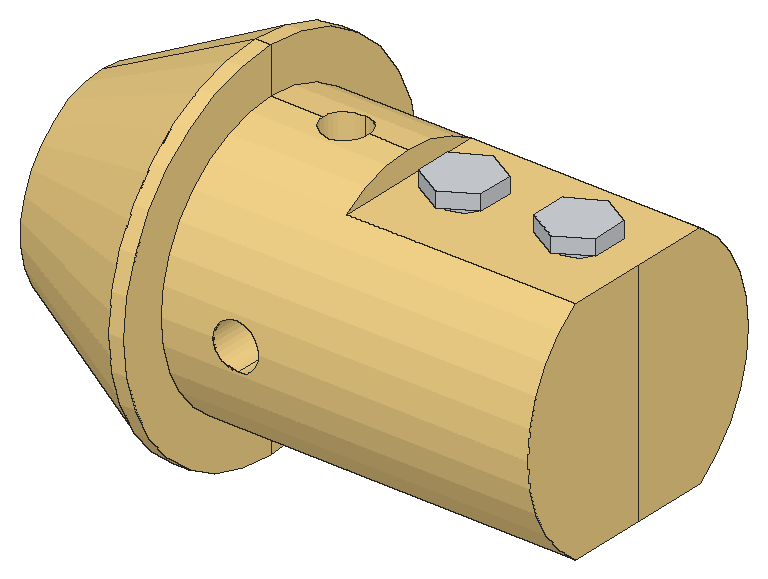
Revit family "Pieza de adaptación", category Equipos especializados, Revit 2017
Family settings
  Cota de conector redondo = Diámetro de uso
  Tipo de pieza = Normal
  Se basa en plano de trabajo = Sí
  Siempre vertical = Sí
  Corte con vacíos al cargar = No
  Compartido = Sí
  Punto de cálculo de habitación = No
Parameters
  URL = "https://at3w.com/"
  Rosca [instance] = "M20"  # constant formula
  Referencia AT [instance] = "AT-011A"  # constant formula
  Rango de conductores - Ø (mm) [instance] = "8 - 10"  # constant formula
  Rango de conductores - mm2 [instance] = "50 - 70"  # constant formula
  Rango de conductores - Pletina (mm) [instance] = "30 x 2 - 30 x 3,5"  # constant formula
  Peso (g) [instance] = 655  # constant formula
  Mástil [instance] = "1 1/2''"  # constant formula
  Model = ""
  Material [instance] = Latón
  Fabricante = "APLICACIONES TECNOLÓGICAS"  # constant formula
  Default Elevation = 1219.2 mm
  Dimensiones [instance] = "Ø48 x 70"  # constant formula
  Descripción = "Pieza de adaptación de latón para unión entre pararrayos, mástil de 1½'' y bajante interior de cable de Ø8 a 10 mm ó pletina de 30 x 2 mm. Ref. AT-011A"  # constant formula
  Código de montaje = "1.2"
Reference planes
  plane 1 "Centro (Frontal/Posterior)": y = 0
  plane 2: z = 0
  plane 3 "Centro (Izquierda/Derecha)": x = 0
  plane 4: x = -70
  plane 5: x = -50
Forms (mm)
  Revolve 1, solid, material "Latón" <- "Material"
    sketch origin (0, 0, 19.05) x (0, 0, 1) y (-1, 0, 0)
      loop
        line (-12, 70) -> (-13.5, 70) -> (-24, 50) -> (-24, 48) -> (-18.07, 48) -> (-18.07, 0) -> (0, 0) -> (0, 20) -> (-12, 20) -> (-12, 70)
      axis (0, 70) -> (0, 0)
    angle from 0 to 360
  Extrusion 2, void
    sketch origin (0, 0, 19.05) x (0, 0, 1) y (-1, 0, 0)
      loop
        circle (0, 38.114) r 3
    from -36.086 to 32.704
  Extrusion 3, void
    sketch origin (0, 0, 20.741) x (0, 1, 0) y (-1, 0, 0)
      loop
        circle (0, 38.114) r 3
    from -36.086 to 32.704
  Extrusion 4, void
    sketch origin (0, 0, 19.05) x (0, 0, 1) y (-1, 0, 0)
      loop
        line (-37.447, 0) -> (-15, 0) -> (-15, 30) -> (-37.447, 30) -> (-37.447, 0)
      loop
        line (37.447, 0) -> (37.447, 30) -> (14.946, 30) -> (14.946, 0) -> (37.447, 0)
    from -35.24 to 30.906
  Extrusion 5, solid
    sketch origin (0, 0, 19.05) x (0, 1, 0) y (-1, 0, 0)
      loop
        line (4.674, 22.688) -> (2.337, 26.736) -> (-2.337, 26.736) -> (-4.674, 22.688) -> (-2.337, 18.639) -> (2.337, 18.639) -> (4.674, 22.688)
      loop
        line (4.674, 7.688) -> (2.337, 11.736) -> (-2.337, 11.736) -> (-4.674, 7.688) -> (-2.337, 3.639) -> (2.337, 3.639) -> (4.674, 7.688)
    from 15.9 to 17.9
  Extrusion 6, solid
    sketch origin (0, 0, 19.05) x (0, 1, 0) y (-1, 0, 0)
      loop
        circle (0, 22.688) r 3
      loop
        circle (0, 7.688) r 3
    from 14.946 to 15.9
  Extrusion 7, solid
    sketch origin (0, 0, 19.05) x (1, 0, 0) y (0, 1, 0)
      loop
        line (-22.688, 4.674) -> (-26.736, 2.337) -> (-26.736, -2.337) -> (-22.688, -4.674) -> (-18.639, -2.337) -> (-18.639, 2.337) -> (-22.688, 4.674)
      loop
        line (-7.688, 4.674) -> (-11.736, 2.337) -> (-11.736, -2.337) -> (-7.688, -4.674) -> (-3.639, -2.337) -> (-3.639, 2.337) -> (-7.688, 4.674)
    from -16 to -18
  Extrusion 8, solid
    sketch origin (0, 0, 19.05) x (1, 0, 0) y (0, 1, 0)
      loop
        circle (-22.688, 0) r 3
      loop
        circle (-7.688, 0) r 3
    from -15 to -16
Cuts and joins
  Extrusion 2, Extrusion 3, Extrusion 4 cuts Revolve 1
Dimensions and locks
  aligned and locked: level to plane 2
  aligned and locked: Extrusion 5 to Extrusion 6
  aligned and locked: Extrusion 8 to Extrusion 7
  aligned and locked: Extrusion 8 to cut or joined group of Revolve 1, Extrusion 2, Extrusion 3, Extrusion 4
